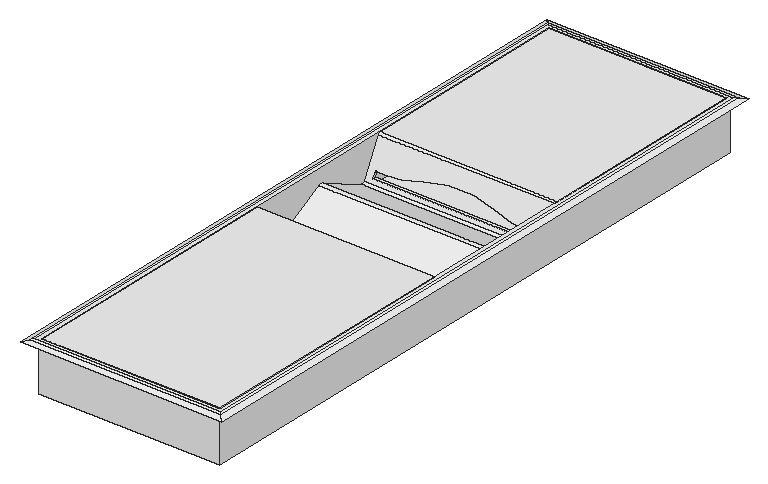
Revit family "Combination_Paper_Waste_Dispenser-Bobrick-ClassicSeries-B-813061", category Specialty Equipment, host Face, Revit 2014
Parameters (values of type "B-813061")
  Width = 17 3/16"  # constant formula
  Warranty Documentation Link = "http://products.bobrick.com/Documents/ProductWarranties.pdf"
  URL = "http://www.bobrick.com/"
  Type Comments = ""
  Product Page URL = ""
  Product Documentation Link = ""
  Price = "Prices may vary. Please consult Manufacturer Representative for most up-to-date price list."  # constant formula
  Model = "B-813061"
  Material = "Stainless Steel-Bobrick-Typre 304-Satin"
  Finish = Stainless Steel-Bobrick-Typre 304-Satin
  Manufacturer = "Bobrick"
  Length = 4"  # constant formula
  Installation Type = "Recessed in Wall"
  Height = 56"  # constant formula
  Description = "ClassicSeries Recessed Convertible Paper Towl Dispenser and Waste Receptacle"
  Default Elevation = 48"  # constant formula
  Creation Date = "08/15/2019"  # constant formula
  Assembly Code = "C1030200"
Reference planes (in)
  plane 1 "Center (Front/Back)": y = 0
  plane 2: z = 0
  plane 3 "Center (Left/Right)": x = 0
  plane 4: y = 20.80078
  plane 5: x = -8.59375
  plane 6: x = 8.59375
  plane 7: y = -35.19922
  plane 8: z = -4
  plane 9: x = 7.5625
  plane 10: x = -7.5625
Forms (in)
  Sweep 1, solid, material "Stainless Steel-Bobrick-Typre 304-Satin" <- "Finish"
    path origin (0, 0, 0) x (1, 0, 0) y (0, 1, 0)
      loop
        line (-8.59375, 20.80078) -> (-8.59375, -35.19922) -> (8.59375, -35.19922) -> (8.59375, 20.80078) -> (-8.59375, 20.80078)
    profile origin (0, 20.80078, 0) x (0, 1, 0) y (0, 0, 1)
      loop
        line (0, 0) -> (-0.44978, 0.14993)
        arc (-0.44978, 0.14993) -> (-0.56401, 0.17805) -> (-0.68127, 0.1875) r 0.73201
        line (-0.68127, 0.1875) -> (-1, 0.1875) -> (-1, 0) -> (-1, -4) -> (-0.89087, -4) -> (-0.89087, 0) -> (0, 0)
  Extrusion 2, solid, material "Stainless Steel-Bobrick-Typre 304-Satin" <- "Finish"
    sketch origin (0, 0, 0) x (0, 1, 0) y (0, 0, 1)
      loop
        line (19.80078, 0) -> (19.76953, 0) -> (19.76953, 0.1875) -> (1.78023, 0.1875)
        arc (1.78023, 0.1875) -> (1.66453, 0.15487) -> (1.58293, 0.06659) r 0.22144
        line (1.58293, 0.06659) -> (0.1096, -2.82497)
        arc (0.1096, -2.82497) -> (-0.03176, -2.94785) -> (-0.2188, -2.93804) r 0.25
        line (-0.2188, -2.93804) -> (-4.3056, -1.03234)
        arc (-4.3056, -1.03234) -> (-4.53, -0.98566) -> (-4.75165, -1.04402) r 0.5
        line (-4.75165, -1.04402) -> (-9.62007, -3.6326)
        arc (-9.62007, -3.6326) -> (-10.06442, -3.80317) -> (-10.53684, -3.86118) r 1.95277
        line (-10.53684, -3.86118) -> (-34.19922, -3.86118) -> (-34.19922, -4) -> (19.80078, -4) -> (19.80078, 0)
      loop
        line (0, -3.5) -> (19.68702, -3.5) -> (19.68702, 0) -> (1.78334, 0) -> (0, -3.5)
      loop
        line (-34.16797, 0) -> (-11.2771, 0) -> (-11.2771, 0.1875) -> (-34.16797, 0.1875) -> (-34.16797, 0)
    from -7.5625 to 7.5625
  Extrusion 3, void
    sketch origin (0, 0, 0) x (1, 0, 0) y (0, 1, 0)
      loop
        line (-7.70288, 19.90991) -> (-7.70288, -34.30835) -> (7.70288, -34.30835) -> (7.70288, 19.90991) -> (-7.70288, 19.90991)
    from -4 to 0
  Extrusion 4, void
    sketch origin (0, 0, 0) x (1, 0, 0) y (0, 0, 1)
      loop
        line (6.9375, -2.5) -> (6.9375, -2) -> (6.03211, -2)
        arc (6.03211, -2) -> (4.66215, -1.90272) -> (3.31969, -1.61285) r 9.69531
        arc (3.31969, -1.61285) -> (-0.00003, -1.13902) -> (-3.31974, -1.61287) r 11.86597
        arc (-3.31974, -1.61287) -> (-4.66213, -1.90273) -> (-6.03201, -2) r 9.69462
        line (-6.03201, -2) -> (-6.9375, -2) -> (-6.9375, -2.5) -> (6.9375, -2.5)
    from -3.14623 to 0.51341
Cuts and joins
  Extrusion 4 cuts Extrusion 2
  joined: Sweep 1, Extrusion 2
Lines and regions (in)
  Masking region 1
    outline origin (0, 0, 0) x (1, 0, 0) y (0, 0, 1)
      loop
        line (7.70288, 0) -> (8.59375, 0) -> (8.14397, 0.14993)
        arc (8.14397, 0.14993) -> (8.02974, 0.17805) -> (7.91248, 0.1875) r 0.73201
        line (7.91248, 0.1875) -> (-7.91248, 0.1875)
        arc (-7.91248, 0.1875) -> (-8.02974, 0.17805) -> (-8.14397, 0.14993) r 0.73201
        line (-8.14397, 0.14993) -> (-8.59375, 0) -> (-7.70288, 0) -> (-7.70288, -4) -> (7.70288, -4) -> (7.70288, 0)
  symbolic lines, style "SpecialityEquipment", detail levels medium+fine
    curve 1: line (7.70288, 0, 0) -> (-7.70288, 0, 0)
Dimensions and locks (in)
  equal spacing: plane 5, plane 3 "Center (Left/Right)", plane 6
  plane 5 to plane 6 = 17 3/16"
  locked: plane 4 to plane 1 "Center (Front/Back)" at 20.80078
  locked: plane 7 to plane 4 at 56
  plane 8 to host face = 4"
  equal spacing: plane 10, plane 3 "Center (Left/Right)", plane 9
  locked: plane 10 to plane 9 at 15.125
  aligned and locked: plane 2 to host face
  aligned and locked: level to host face
  aligned and locked: Extrusion 2 to plane 9
  aligned and locked: Extrusion 2 to plane 10
Automatic sketch dimensions
  host sketch curve to host sketch curve = 96"  (x2)
  Sweep 1 sketch curve to plane 5 = 0"
  Sweep 1 sketch curve to plane 6 = 0"
  plane 7 to Sweep 1 sketch curve = 0"
  Sweep 1 sketch curve to plane 4 = 0"
  Sweep 1 sketch curve to profile plane = 0"
  level to Sweep 1 sketch curve = 0.14993"
  profile plane to Sweep 1 sketch curve = 0.44978"
  profile plane to Sweep 1 sketch curve = 0.68127"
  profile plane to Sweep 1 sketch curve = 1"
  Sweep 1 sketch curve to level = 0.54451"
  Sweep 1 sketch curve to Sweep 1 sketch curve = 3.45549"
  Sweep 1 sketch curve to level = 0"  (x2)
  Sweep 1 sketch curve to Sweep 1 sketch curve = 0.10913"
  Extrusion 3 sketch curve to plane 5 = 0.89087"
  Extrusion 3 sketch curve to plane 6 = 0.89087"
  Extrusion 3 sketch curve to plane 7 = 0.89087"
  Extrusion 3 sketch curve to plane 4 = 0.89087"
  Extrusion 4 sketch curve to plane 3 "Center (Left/Right)" = 0"
  plane 9 to Extrusion 4 sketch curve = 5/8"
  plane 10 to Extrusion 4 sketch curve = 1.53049"
  plane 10 to Extrusion 4 sketch curve = 5/8"
  plane 9 to Extrusion 4 sketch curve = 1.53039"
  plane 8 to Extrusion 4 sketch curve = 9.005"
  Extrusion 4 sketch curve to plane 8 = 1 1/2"
  Extrusion 4 sketch curve to Extrusion 4 sketch curve = 1/2"  (x2)
  level to Extrusion 4 sketch curve = 7 89/128"
  level to Extrusion 4 sketch curve = 7.69462"
  Extrusion 4 sketch curve to Extrusion 4 sketch curve = 0"
  plane 8 to Extrusion 2 sketch curve = 0"
  Extrusion 2 sketch curve to level = 0"  (x3)
  Extrusion 2 sketch curve to plane 1 "Center (Front/Back)" = 0"
  plane 1 "Center (Front/Back)" to Extrusion 2 sketch curve = 0.11315"
  plane 1 "Center (Front/Back)" to Extrusion 2 sketch curve = 0.2188"
  Extrusion 2 sketch curve to level = 1.03234"
  plane 1 "Center (Front/Back)" to Extrusion 2 sketch curve = 4.3056"
  Extrusion 2 sketch curve to Extrusion 2 sketch curve = 0.21131"
  Extrusion 2 sketch curve to level = 1.04402"
  Extrusion 2 sketch curve to Extrusion 2 sketch curve = 0.44604"
  Extrusion 2 sketch curve to plane 8 = 0.3674"
  Extrusion 2 sketch curve to Extrusion 2 sketch curve = 4.86842"
  Extrusion 2 sketch curve to Extrusion 2 sketch curve = 0.91677"
  level to Extrusion 2 sketch curve = 3/16"  (x2)
  Extrusion 2 sketch curve to Extrusion 2 sketch curve = 0.74026"
  Extrusion 2 sketch curve to plane 7 = 1 1/32"
  Extrusion 2 sketch curve to plane 7 = 1"
  Extrusion 2 sketch curve to plane 1 "Center (Front/Back)" = 0.1096"
  level to Extrusion 2 sketch curve = 0.06659"
  Extrusion 2 sketch curve to plane 1 "Center (Front/Back)" = 1.58293"
  Extrusion 2 sketch curve to Extrusion 2 sketch curve = 0.1973"
  Extrusion 2 sketch curve to Extrusion 2 sketch curve = 0.00311"
  Extrusion 2 sketch curve to plane 4 = 1.11376"
  Extrusion 2 sketch curve to Extrusion 2 sketch curve = 0.08251"
  Extrusion 2 sketch curve to Extrusion 2 sketch curve = 0.11376"
  Extrusion 2 sketch curve to Extrusion 2 sketch curve = 0.13882"
  Extrusion 2 sketch curve to plane 8 = 1/2"
  Extrusion 2 sketch curve to Extrusion 2 sketch curve = 0.56196"
  Extrusion 2 sketch curve to Extrusion 2 sketch curve = 0.11308"
  Masking region 1 sketch curve to level = 0"  (x2)
  plane 5 to Masking region 1 sketch curve = 0"
  Masking region 1 sketch curve to plane 8 = 0"
  Masking region 1 sketch curve to plane 6 = 0"
  level to Masking region 1 sketch curve = 0.14993"  (x2)
  Masking region 1 sketch curve to plane 5 = 0.44978"
  Masking region 1 sketch curve to plane 10 = 0.34998"
  Masking region 1 sketch curve to plane 10 = 0.14038"
  Masking region 1 sketch curve to plane 9 = 0.14038"
  Masking region 1 sketch curve to plane 9 = 0.34998"
  Masking region 1 sketch curve to Masking region 1 sketch curve = 0.23149"
  Masking region 1 sketch curve to level = 0.54451"
  curve 1 to level = 0"
  curve 1 to plane 10 = 0.14038"
  curve 1 to plane 9 = 0.14038"
